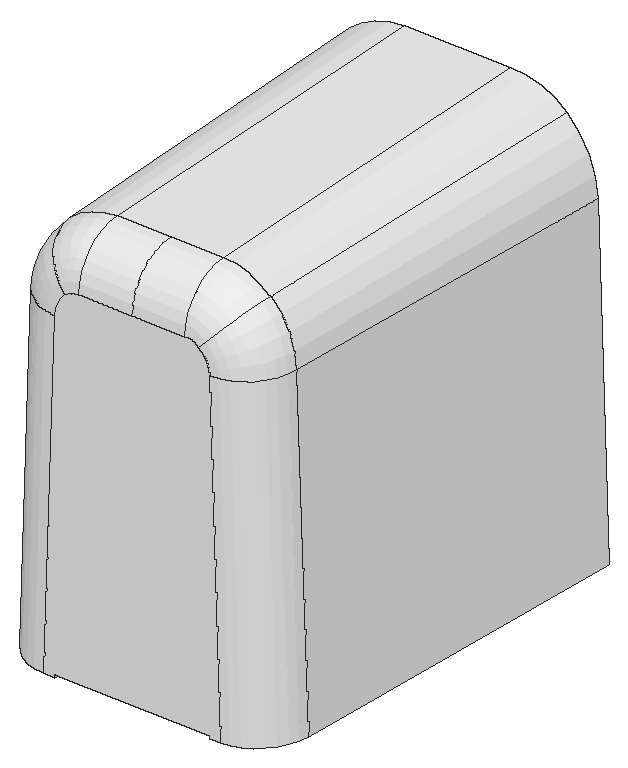
Revit family "Shroud-Lavatory-American_Standard-0059.020EC.020", category Specialty Equipment, host Face, Revit 2015
Parameters (values of type "0059.020EC.020")
  Width = 7 27/32"  # constant formula
  URL = "http://www.americanstandard-us.com"
  Type Comments = ""
  Revised Date = "01/30/2020"  # constant formula
  Product Page URL = ""
  Product Documentation Link = ""
  Price = "Prices may vary. Please consult Manufacturer Representative for most up-to-date price list."  # constant formula
  Model = "0059.020EC.020"
  Manufacturer = "American Standard"
  Length = 10 7/16"  # constant formula
  Installation Type = "Wall Mounted"
  Height = 10 5/32"  # constant formula
  Description = "Shroud/Knee Contact Guard with EverClean"  # constant formula
  Default Elevation = 0"  # constant formula
  Assembly Code = "C1030200"
  ADA Compliant = yes
  0062.000EC Shroud = no
  0062 Shroud Finish = Acrylic-American Standard-020-White
  0059.020EC Shroud = yes
  0059 Shroud Finish = Vitreous China-American Standard-020-White
Reference planes (in)
  plane 1 "Center (Front/Back)": y = 0
  plane 2: z = 0
  plane 3 "Center (Left/Right)": x = 0
  plane 4: y = -16
  plane 5: y = -10.5
  plane 6: y = -8.5
  plane 7: z = 20.5
  plane 8: z = 7.75
  plane 9: z = 2.75
  plane 10: y = -1.6136
  plane 11: z = 6
  plane 12: x = 6.625
  plane 13: x = -6.625
  plane 14: x = 4
  plane 15: x = 2
  plane 16: x = -4
  plane 17: x = -2
  plane 18: x = -10.625
  plane 19: x = 10.625
  plane 20 "Bowl Depth": y = -5
  plane 21: x = -7.78125
  plane 22: x = 7.78125
  plane 23: z = 10.3125
  plane 24: y = -22.25
  plane 25: x = 2
  plane 26: x = -2
  plane 27: z = 5.40351
  plane 28: x = 6.5625
  plane 29: x = -6.5625
  plane 30: z = 7.25
Forms (in)
  Sweep 1, solid, material "Vitreous China-American Standard-020-White" <- "0059 Shroud Finish", visible <- "0059.020EC Shroud"
    path origin (0, 2.98685, 0) x (0, 0, 1) y (1, 0, 0)
      loop
        line (-0.03541, -3.19015) -> (8.45941, -2.89351)
        arc (8.45941, -2.89351) -> (9.10892, -2.73751) -> (9.64577, -2.34004) r 1.67451
        arc (9.64577, -2.34004) -> (9.91627, -1.89836) -> (10.01061, -1.38909) r 1.42173
        line (10.01061, -1.38909) -> (10.01061, 0) -> (10.01061, 1.38909)
        arc (10.01061, 1.38909) -> (9.91627, 1.89836) -> (9.64577, 2.34004) r 1.42173
        arc (9.64577, 2.34004) -> (9.10892, 2.73751) -> (8.45941, 2.89351) r 1.67451
        line (8.45941, 2.89351) -> (-0.03541, 3.19015)
    profile origin (-3.04183, 2.98685, 4.212) x (0.999391, 0, -0.034899) y (0, 1, 0)
      loop
        line (-0.26931, -3.32093) -> (-0.75279, -3.32093) -> (-0.42403, -12.73526)
        arc (-0.42403, -12.73526) -> (-0.02884, -13.62288) -> (0.87203, -13.98685) r 1.29685
        line (0.87203, -13.98685) -> (1.16233, -13.98685) -> (1.16233, -13.51441) -> (0.91404, -13.51441)
        arc (0.91404, -13.51441) -> (0.31887, -13.27394) -> (0.05778, -12.68753) r 0.85678
        line (0.05778, -12.68753) -> (-0.26931, -3.32093)
  Extrusion 2, solid, material "Vitreous China-American Standard-020-White" <- "0059 Shroud Finish", visible <- "0059.020EC Shroud"
    sketch origin (0, 5, 0) x (1, 0, 0) y (0, 0, 1)
      loop
        arc (1.73189, 8.41885) -> (1.68417, 8.61751) -> (1.5626, 8.78172) r 0.51218
        arc (1.5626, 8.78172) -> (1.48201, 8.83107) -> (1.38909, 8.84828) r 0.2594
        line (1.38909, 8.84828) -> (-1.38909, 8.84828)
        arc (-1.38909, 8.84828) -> (-1.48201, 8.83107) -> (-1.5626, 8.78172) r 0.2594
        arc (-1.5626, 8.78172) -> (-1.68417, 8.61751) -> (-1.73189, 8.41885) r 0.51218
        line (-1.73189, 8.41885) -> (-2.02588, 0) -> (2.02588, 0) -> (1.73189, 8.41885)
    from 15.52756 to 16
  Extrusion 3, solid, material "Acrylic-American Standard-020-White" <- "0062 Shroud Finish", visible <- "0062.000EC Shroud"
    sketch origin (0, 5, 0) x (1, 0, 0) y (0, 0, 1)
      loop
        line (7.78125, 0) -> (7.78125, 3.3123)
        arc (7.78125, 3.3123) -> (7.65683, 3.64236) -> (7.34548, 3.80815) r 0.5
        arc (7.34548, 3.80815) -> (0, 4.28193) -> (-7.34548, 3.80815) r 57.17931
        arc (-7.34548, 3.80815) -> (-7.65683, 3.64236) -> (-7.78125, 3.3123) r 0.5
        line (-7.78125, 3.3123) -> (-7.78125, 0) -> (7.78125, 0)
    from 5.33408 to 23.97574
  Sweep 4, solid, material "Acrylic-American Standard-020-White" <- "0062 Shroud Finish", visible <- "0062.000EC Shroud"
    path origin (0, 2.98685, -0.625) x (0, 0, 1) y (1, 0, 0)
      loop
        line (2.61535, -3.09758) -> (8.45941, -2.89351)
        arc (8.45941, -2.89351) -> (9.10892, -2.73751) -> (9.64577, -2.34004) r 1.67451
        arc (9.64577, -2.34004) -> (9.91627, -1.89836) -> (10.01061, -1.38909) r 1.42173
        line (10.01061, -1.38909) -> (10.01061, 0) -> (10.01061, 1.38909)
        arc (10.01061, 1.38909) -> (9.91627, 1.89836) -> (9.64577, 2.34004) r 1.42173
        arc (9.64577, 2.34004) -> (9.10892, 2.73751) -> (8.45941, 2.89351) r 1.67451
        line (8.45941, 2.89351) -> (2.46307, 3.1029)
    profile origin (-2.99555, 2.98685, 4.91238) x (0.999391, 0, -0.034899) y (0, 1, 0)
      loop
        line (0.99027, -16.23685) -> (0.99027, -15.86185) -> (0.57456, -15.86185)
        arc (0.57456, -15.86185) -> (0.24887, -15.74456) -> (0.07275, -15.44656) r 0.51082
        arc (0.07275, -15.44656) -> (-0.37803, -12.2729) -> (-0.52873, -9.07093) r 34.09117
        line (-0.52873, -9.07093) -> (-0.52873, -3.32093) -> (-0.90373, -3.32093) -> (-0.90373, -9.07093)
        arc (-0.90373, -9.07093) -> (-0.75137, -12.30812) -> (-0.29564, -15.51669) r 34.46617
        arc (-0.29564, -15.51669) -> (0.00979, -16.03346) -> (0.57456, -16.23685) r 0.88582
        line (0.57456, -16.23685) -> (0.99027, -16.23685)
  Extrusion 5, solid, material "Acrylic-American Standard-020-White" <- "0062 Shroud Finish", visible <- "0062.000EC Shroud"
    sketch origin (0, 5, 0) x (1, 0, 0) y (0, 0, 1)
      loop
        arc (1.90383, 7.79985) -> (1.84009, 8.06525) -> (1.67768, 8.28462) r 0.68424
        arc (1.67768, 8.28462) -> (1.54364, 8.36671) -> (1.38909, 8.39534) r 0.43146
        line (1.38909, 8.39534) -> (-1.38909, 8.39534)
        arc (-1.38909, 8.39534) -> (-1.54364, 8.36671) -> (-1.67768, 8.28462) r 0.43146
        arc (-1.67768, 8.28462) -> (-1.84009, 8.06525) -> (-1.90383, 7.79985) r 0.68424
        line (-1.90383, 7.79985) -> (-2.12749, 1.39534) -> (2.12749, 1.39534) -> (1.90383, 7.79985)
    from 17.875 to 18.25
  Extrusion 6, void
    sketch origin (0, 6.5, 0) x (1, 0, 0) y (0, 1, 0)
      loop
        line (-8.99824, -18.72875) -> (-8.99824, -27.29493) -> (8.99824, -27.29493) -> (8.99824, -18.72875) -> (7.78125, -18.72875) -> (7.78125, -19.26415)
        arc (7.78125, -19.26415) -> (7.32818, -20.61823) -> (6.15143, -21.42699) r 2.25
        line (6.15143, -21.42699) -> (4.96996, -21.76577)
        arc (4.96996, -21.76577) -> (3.26415, -22.12835) -> (1.52449, -22.25) r 12.5
        line (1.52449, -22.25) -> (-1.52449, -22.25)
        arc (-1.52449, -22.25) -> (-3.26415, -22.12835) -> (-4.96996, -21.76577) r 12.5
        line (-4.96996, -21.76577) -> (-6.15143, -21.42699)
        arc (-6.15143, -21.42699) -> (-7.32818, -20.61823) -> (-7.78125, -19.26415) r 2.25
        line (-7.78125, -19.26415) -> (-7.78125, -18.72875) -> (-8.99824, -18.72875)
    from 0 to 6.19403
Cuts and joins
  Extrusion 6 cuts Extrusion 3
  joined: Extrusion 3, Sweep 4, Extrusion 5
  joined: Sweep 1, Extrusion 2
Dimensions and locks (in)
  plane 4 to plane 1 "Center (Front/Back)" = 16"
  plane 19 to plane 18 = 21 1/4"
  level to plane 7 = 20 1/2"
  plane 20 "Bowl Depth" to plane 1 "Center (Front/Back)" = 5"
  equal spacing: plane 22, plane 3 "Center (Left/Right)", plane 21
  plane 22 to plane 21 = 15 9/16"
  locked: level to plane 23 at 10.3125
  locked: plane 24 to plane 1 "Center (Front/Back)" at 22.25
  equal spacing: plane 26, plane 3 "Center (Left/Right)", plane 25
  plane 26 to plane 25 = 4"
  locked: plane 28 to plane 3 "Center (Left/Right)" at 6.5625
  locked: plane 29 to plane 3 "Center (Left/Right)" at 6.5625
  level to plane 27 = 5.40351"
  plane 30 to plane 8 = 1/2"
  aligned and locked: plane 2 to host face
  aligned and locked: level to host face
Automatic sketch dimensions
  host sketch curve to host sketch curve = 96"  (x2)
  Sweep 1 sketch curve to plane 3 "Center (Left/Right)" = 0"
  plane 8 to Sweep 1 sketch curve = 0.65097"  (x2)
  plane 8 to Sweep 1 sketch curve = 0.70941"  (x2)
  Sweep 1 sketch curve to Sweep 1 sketch curve = 0.18791"  (x2)
  Sweep 1 sketch curve to plane 23 = 0.30189"
  Sweep 1 sketch curve to plane 17 = 0.77998"
  Sweep 1 sketch curve to Sweep 1 sketch curve = 0.16908"
  plane 17 to Sweep 1 sketch curve = 0.89351"
  Sweep 1 sketch curve to plane 15 = 0.77998"
  Sweep 1 sketch curve to Sweep 1 sketch curve = 1.38909"
  plane 15 to Sweep 1 sketch curve = 0.89351"
  Sweep 1 sketch curve to level = 0.03541"  (x2)
  Sweep 1 sketch curve to plane 16 = 0.80985"
  Sweep 1 sketch curve to plane 14 = 0.80985"
  profile plane to Sweep 1 sketch curve = 0.75279"
  profile plane to Sweep 1 sketch curve = 0.42403"
  profile plane to Sweep 1 sketch curve = 0.26931"
  Sweep 1 sketch curve to profile plane = 0.05778"
  Sweep 1 sketch curve to Sweep 1 sketch curve = 0.81425"
  Sweep 1 sketch curve to Sweep 1 sketch curve = 0.04201"
  Sweep 1 sketch curve to Sweep 1 sketch curve = 0.2903"
  Sweep 1 sketch curve to profile plane = 13.98685"
  Sweep 1 sketch curve to Sweep 1 sketch curve = 0.47244"
  Sweep 1 sketch curve to Sweep 1 sketch curve = 0.77915"
  Sweep 1 sketch curve to Sweep 1 sketch curve = 0.04773"
  Sweep 1 sketch curve to profile plane = 3.32093"
  Extrusion 2 sketch curve to level = 0"
  plane 17 to Extrusion 2 sketch curve = 0.02588"
  Extrusion 2 sketch curve to plane 17 = 0.26811"
  Extrusion 2 sketch curve to Extrusion 2 sketch curve = 0.34279"
  Extrusion 2 sketch curve to Extrusion 2 sketch curve = 0.16908"  (x2)
  Extrusion 2 sketch curve to plane 15 = 0.77998"
  Extrusion 2 sketch curve to plane 15 = 0.26811"
  plane 15 to Extrusion 2 sketch curve = 0.02588"
  plane 8 to Extrusion 2 sketch curve = 0.65097"  (x2)
  Extrusion 2 sketch curve to Extrusion 2 sketch curve = 0.01787"  (x2)
  Extrusion 2 sketch curve to Extrusion 2 sketch curve = 0.18791"  (x2)
  Extrusion 2 sketch curve to Extrusion 2 sketch curve = 0.06657"
  Extrusion 3 sketch curve to level = 0"
  plane 21 to Extrusion 3 sketch curve = 0"
  plane 3 "Center (Left/Right)" to Extrusion 3 sketch curve = 0"
  Extrusion 3 sketch curve to plane 22 = 0"
  Extrusion 3 sketch curve to Extrusion 3 sketch curve = 1/2"
  Extrusion 3 sketch curve to plane 22 = 1/2"
  Extrusion 3 sketch curve to level = 52.89738"
  plane 9 to Extrusion 3 sketch curve = 0.5623"  (x2)
  Extrusion 3 sketch curve to Extrusion 3 sketch curve = 0"
  Sweep 4 sketch curve to plane 3 "Center (Left/Right)" = 0"
  plane 8 to Sweep 4 sketch curve = 0.02597"  (x2)
  plane 8 to Sweep 4 sketch curve = 0.08441"  (x2)
  plane 8 to Sweep 4 sketch curve = 0.21388"  (x2)
  Sweep 4 sketch curve to plane 23 = 0.92689"
  Sweep 4 sketch curve to plane 17 = 0.77998"
  Sweep 4 sketch curve to Sweep 4 sketch curve = 0.16908"
  plane 17 to Sweep 4 sketch curve = 0.89351"
  Sweep 4 sketch curve to plane 15 = 0.77998"
  Sweep 4 sketch curve to Sweep 4 sketch curve = 1.38909"
  plane 15 to Sweep 4 sketch curve = 0.89351"
  Sweep 4 sketch curve to plane 9 = 0.75965"
  Sweep 4 sketch curve to plane 9 = 0.91193"
  Sweep 4 sketch curve to plane 16 = 0.90242"
  Sweep 4 sketch curve to plane 14 = 0.8971"
  Sweep 4 sketch curve to Sweep 4 sketch curve = 0"  (x4)
  profile plane to Sweep 4 sketch curve = 0.90373"
  Sweep 4 sketch curve to Sweep 4 sketch curve = 3/8"  (x2)
  Sweep 4 sketch curve to profile plane = 0.57456"
  Sweep 4 sketch curve to Sweep 4 sketch curve = 0.41572"
  Sweep 4 sketch curve to profile plane = 9.07093"
  Sweep 4 sketch curve to Sweep 4 sketch curve = 32.57216"
  Sweep 4 sketch curve to Sweep 4 sketch curve = 6.2801"
  Sweep 4 sketch curve to Sweep 4 sketch curve = 0.51082"
  Sweep 4 sketch curve to profile plane = 3.32093"
  plane 17 to Extrusion 5 sketch curve = 0.12749"
  Extrusion 5 sketch curve to plane 17 = 0.09617"
  Extrusion 5 sketch curve to Extrusion 5 sketch curve = 0.51474"
  plane 8 to Extrusion 5 sketch curve = 0.02597"  (x2)
  Extrusion 5 sketch curve to Extrusion 5 sketch curve = 0.16908"  (x2)
  Extrusion 5 sketch curve to plane 15 = 0.77998"
  plane 8 to Extrusion 5 sketch curve = 0.21388"  (x2)
  Extrusion 5 sketch curve to plane 15 = 0.09617"
  plane 15 to Extrusion 5 sketch curve = 0.12749"
  Extrusion 5 sketch curve to plane 9 = 1.35466"
  plane 8 to Extrusion 5 sketch curve = 0.04985"  (x2)
  Extrusion 5 sketch curve to Extrusion 5 sketch curve = 0.11072"
  Extrusion 6 sketch curve to plane 21 = 0"
  Extrusion 6 sketch curve to plane 22 = 0"
  plane 21 to Extrusion 6 sketch curve = 1.21699"
  Extrusion 6 sketch curve to plane 29 = 0.41107"
  Extrusion 6 sketch curve to plane 29 = 1 1/32"
  plane 16 to Extrusion 6 sketch curve = 0.96996"
  plane 4 to Extrusion 6 sketch curve = 1/4"
  Extrusion 6 sketch curve to plane 17 = 0.47551"
  Extrusion 6 sketch curve to plane 15 = 0.47551"
  plane 4 to Extrusion 6 sketch curve = 0.73423"
  Extrusion 6 sketch curve to Extrusion 6 sketch curve = 3.44547"
  Extrusion 6 sketch curve to plane 28 = 1 1/32"
  Extrusion 6 sketch curve to plane 28 = 0.41107"
  plane 22 to Extrusion 6 sketch curve = 1.21699"
  Extrusion 6 sketch curve to plane 24 = 1.45507"
  Extrusion 6 sketch curve to Extrusion 6 sketch curve = 0.48423"
  plane 4 to Extrusion 6 sketch curve = 1.07301"  (x2)
  Extrusion 6 sketch curve to Extrusion 6 sketch curve = 0.5354"  (x2)
